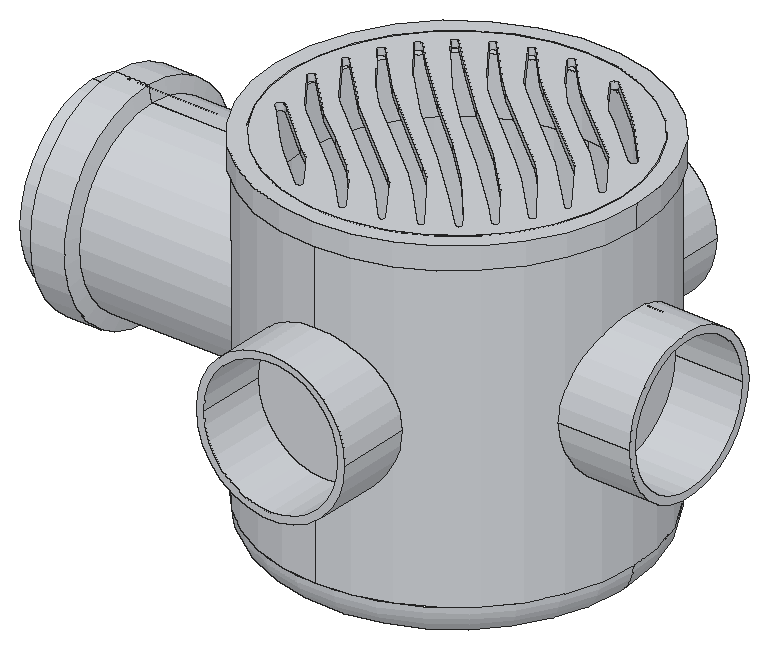
Revit family "Caixa Sifonada Montada_100x100x50 Completa - Caixas e Ralos - Esgoto - MEP - Tigre", category Plumbing Fixtures, host Face, Revit 2012
Parameters (values of type "Porta-grelha prata e grelha alumínio redondos - DN 100 x 100 x 50")
  URL = "http://www.tigre.com.br"
  UHC [instance] = 2
  Tigre: Sistema = "Esgoto"  # constant formula
  Tigre: Norma = ""
  Tigre: Material = "Prata/Aluminio"
  Tigre: Marcador [instance] = "00"
  Tigre: Link do Produto = "http://www.tigre.com.br/pt/produtos_unico.php?rcr_id=4&cpr_id=10&cpr_id_pai=4&lnh_id=11&prd_id=124"
  Tigre: Linha = "Caixas e Ralos"  # constant formula
  Tigre: Fabricante = "© Tigre S/A"  # constant formula
  Tigre: Descrição = "Caixa Sifonada Montada c/ Grelha e Porta Grelha, alumínio redondos 100 x 100 x 50mm, Esgoto - TIGRE"
  Tigre: Código com Separador [instance] = "27.01.999.4"
  Tigre: Código = 27019994
  Tigre: Comentários [instance] = ""
  Raio do Corpo = 52.50 mm
  Raio Interno Porta Grelha = 48.70 mm
  Raio Externo Porta Grelha = 53.50 mm
  Raio do Anel = 31.40 mm
  Raio Nominal 2 = Diâmetro Nominal 2 / 2  # 20.00 mm
  Raio Nominal 1 = Diâmetro Nominal 1 / 2  # 25.00 mm
  Raio Externo 2 = Raio Nominal 2 + 2.00 mm  # 22.00 mm
  Raio Externo 1 = Raio Nominal 1 + 2.00 mm  # 27.00 mm
  Prolongador. [instance] = none
  Prolongador [instance] = Distância do Prolongador > 0.00 mm  # no
  Porta Grelha Redonda = yes
  Porta Grelha Quadrada = no
  Porta Grelha [instance] = none
  Model = ""
  Manufacturer = Tigre: Fabricante  # "© Tigre S/A"
  Grelha Redonda = yes
  Grelha Quadrada = no
  Grelha [instance] = none
  Diâmetro Nominal 2 = 40.00 mm
  Diâmetro Nominal 1 = 50.00 mm
  Description = Tigre: Descrição  # "Caixa Sifonada Montada c/ Grelha e Porta Grelha, alumínio redondos 100 x 100 x 50mm, Esgoto - TIGRE"
  Default Elevation = 0.00 mm
  Cota L1 = 107.80 mm
  Distância do Prolongador [instance] = 0.00 mm
  Cota B = 56.00 mm
  Cota A = 100.00 mm
  Comprimento do Tubo [instance] = if(Distância do Prolongador > 0.00 mm, Distância do Prolongador + 15.00 mm, Distância do Prolongador + 1.00 mm)  # 1.00 mm
  Caixas e Ralos [instance] = none
  Anel = 10.00 mm
Reference planes
  plane 1 "Center (Front/Back)": y = 0
  plane 2: z = 0
  plane 3 "Center (Left/Right)": x = 0
  plane 4: z = -106.5
  plane 5: z = -6.5
  plane 6: z = -50.5
  plane 7: z = -6.5
  plane 8: z = -2
Forms (mm)
  Sweep 1, solid, material <- "Caixas e Ralos", detail levels fine
    path origin (0, 0, 0) x (1, 0, 0) y (0, 0, 1)
      loop
        line (0, -6.5) -> (0, -96.5)
    profile origin (0, 0, -51.5) x (0, -1, 0) y (1, 0, 0)
      loop
        circle (0, 0) r 52.5
  Revolve 2, solid, material <- "Caixas e Ralos", detail levels fine
    sketch origin (0, 0, 0) x (1, 0, 0) y (0, 0, 1)
      loop
        line (0, -96.5) -> (-52.5, -96.5)
        arc (-52.5, -96.5) -> (-49.571, -103.571) -> (-42.5, -106.5) r 10
        line (-42.5, -106.5) -> (0, -106.5) -> (0, -96.5)
      axis (0, -96.5) -> (0, -106.5)
    angle from 0 to 360
  Sweep 3, solid, material <- "Caixas e Ralos", detail levels fine
    path origin (0, 0, 0) x (1, 0, 0) y (0, 0, 1)
      loop
        line (0, -50.5) -> (-107.8, -50.5)
    profile origin (-53.9, 0, -50.5) x (0, 0, -1) y (0, -1, 0)
      loop
        circle (0, 0) r 27
  Sweep 4, solid, material <- "Caixas e Ralos", detail levels fine
    path origin (-107.8, -4572, -50.5) x (0, -1, 0) y (1, 0, 0)
      loop
        line (-4640.9, 107.8) -> (-4503.1, 107.8)
    profile origin (0, 0, -50.5) x (1, 0, 0) y (0, 0, 1)
      loop
        circle (0, 0) r 22
  Sweep 5, solid, material <- "Caixas e Ralos", detail levels fine
    path origin (-107.8, -4572, -50.5) x (0, -1, 0) y (1, 0, 0)
      loop
        line (-4572, 107.8) -> (-4572, 176.7)
    profile origin (34.45, 0, -50.5) x (0, 1, 0) y (0, 0, 1)
      loop
        circle (0, 0) r 22
  SweptBlend 6, solid, material <- "Caixas e Ralos", detail levels fine
    path origin (0, 0, 0) x (1, 0, 0) y (0, 0, 1)
      loop
        line (-102.561, -50.5) -> (-101.221, -50.5)
    profile origin (-102.561, 0, -50.5) x (0, 0, 1) y (0, -1, 0)
      loop
        circle (0, 0) r 27
    end profile origin (-101.221, 0, -50.5) x (0, 0, 1) y (0, -1, 0)
      loop
        circle (0, 0) r 31.4
  Sweep 7, solid, material <- "Caixas e Ralos", detail levels fine
    path origin (0, 0, 0) x (1, 0, 0) y (0, 0, 1)
      loop
        line (-101.221, -50.5) -> (-91.221, -50.5)
    profile origin (-96.221, 0, -50.5) x (0, 0, 1) y (0, -1, 0)
      loop
        circle (0, 0) r 31.4
  SweptBlend 8, solid, material <- "Caixas e Ralos", detail levels fine
    path origin (0, 0, 0) x (1, 0, 0) y (0, 0, 1)
      loop
        line (-91.221, -50.5) -> (-90.287, -50.5)
    profile origin (-91.221, 0, -50.5) x (0, 0, 1) y (0, -1, 0)
      loop
        circle (0, 0) r 31.4
    end profile origin (-90.287, 0, -50.5) x (0, 0, 1) y (0, -1, 0)
      loop
        circle (0, 0) r 27
  Sweep 9, void
    path origin (0, 0, 0) x (1, 0, 0) y (0, 0, 1)
      loop
        line (0, -6.5) -> (0, -96.5)
    profile origin (0, 0, -51.5) x (0, -1, 0) y (1, 0, 0)
      loop
        circle (0, 0) r 48.75
  Extrusion 10, solid, material <- "Grelha", visible <- "Grelha Quadrada", detail levels fine
    sketch origin (-107.8, -4572, -50.5) x (0, -1, 0) y (-1, 0, 0)
      loop
        line (-4613.966, -122.238) -> (-4603.883, -133.838)
        arc (-4603.883, -133.838) -> (-4602.173, -135.704) -> (-4600.368, -137.477) r 48.331
        line (-4600.368, -137.477) -> (-4588.063, -148.953)
        arc (-4588.063, -148.953) -> (-4586.309, -148.892) -> (-4586.368, -147.138) r 1.241
        arc (-4586.368, -147.138) -> (-4593.344, -139.894) -> (-4599.533, -131.966) r 96.922
        arc (-4599.533, -131.966) -> (-4602.759, -128.121) -> (-4606.604, -124.895) r 28.794
        line (-4606.604, -124.895) -> (-4612.586, -120.706)
        arc (-4612.586, -120.706) -> (-4613.954, -120.862) -> (-4613.966, -122.238) r 1.039
      loop
        line (-4616.041, -107.788) -> (-4609.048, -114.309)
        arc (-4609.048, -114.309) -> (-4607.048, -116.292) -> (-4605.173, -118.393) r 46.107
        line (-4605.173, -118.393) -> (-4585.911, -141.348)
        arc (-4585.911, -141.348) -> (-4584.722, -142.609) -> (-4583.396, -143.724) r 15
        line (-4583.396, -143.724) -> (-4572.375, -151.955)
        arc (-4572.375, -151.955) -> (-4570.978, -151.798) -> (-4571.047, -150.394) r 1.027
        line (-4571.047, -150.394) -> (-4581.135, -140.652)
        arc (-4581.135, -140.652) -> (-4582.457, -139.283) -> (-4583.68, -137.826) r 27.259
        line (-4583.68, -137.826) -> (-4591.136, -128.283)
        arc (-4591.136, -128.283) -> (-4595.325, -123.185) -> (-4599.759, -118.299) r 134.146
        arc (-4599.759, -118.299) -> (-4602.988, -115.191) -> (-4606.47, -112.372) r 52.299
        arc (-4606.47, -112.372) -> (-4610.634, -109.316) -> (-4614.827, -106.301) r 542.781
        arc (-4614.827, -106.301) -> (-4616.13, -106.476) -> (-4616.041, -107.788) r 0.962
      loop
        line (-4614.454, -97.147) -> (-4604.477, -106.45)
        arc (-4604.477, -106.45) -> (-4602.298, -108.611) -> (-4600.254, -110.901) r 50.253
        line (-4600.254, -110.901) -> (-4577.494, -138.025)
        arc (-4577.494, -138.025) -> (-4576.599, -138.974) -> (-4575.601, -139.814) r 11.29
        line (-4575.601, -139.814) -> (-4561.45, -150.382)
        arc (-4561.45, -150.382) -> (-4560.166, -150.237) -> (-4560.229, -148.947) r 0.944
        line (-4560.229, -148.947) -> (-4573.745, -135.895)
        arc (-4573.745, -135.895) -> (-4574.631, -134.993) -> (-4575.468, -134.047) r 24.143
        line (-4575.468, -134.047) -> (-4597.498, -107.793)
        arc (-4597.498, -107.793) -> (-4598.86, -106.358) -> (-4600.387, -105.099) r 16.207
        line (-4600.387, -105.099) -> (-4613.284, -95.728)
        arc (-4613.284, -95.728) -> (-4614.536, -95.888) -> (-4614.454, -97.147) r 0.921
      loop
        line (-4610.964, -88.395) -> (-4599.287, -99.284)
        arc (-4599.287, -99.284) -> (-4596.598, -101.95) -> (-4594.076, -104.775) r 61.998
        line (-4594.076, -104.775) -> (-4572.562, -130.415)
        arc (-4572.562, -130.415) -> (-4569.646, -133.542) -> (-4566.419, -136.347) r 40.846
        line (-4566.419, -136.347) -> (-4552.731, -147.041)
        arc (-4552.731, -147.041) -> (-4551.265, -146.9) -> (-4551.329, -145.428) r 1.07
        line (-4551.329, -145.428) -> (-4564.485, -132.723)
        arc (-4564.485, -132.723) -> (-4567.45, -129.706) -> (-4570.253, -126.538) r 80.789
        line (-4570.253, -126.538) -> (-4588.926, -104.284)
        arc (-4588.926, -104.284) -> (-4592.794, -100.181) -> (-4597.109, -96.552) r 48.8
        line (-4597.109, -96.552) -> (-4609.838, -87.046)
        arc (-4609.838, -87.046) -> (-4611.04, -87.187) -> (-4610.964, -88.395) r 0.88
      loop
        line (-4606.276, -80.932) -> (-4597.597, -89.611)
        arc (-4597.597, -89.611) -> (-4590.598, -96.859) -> (-4583.856, -104.347) r 288.662
        line (-4583.856, -104.347) -> (-4569.556, -120.797)
        arc (-4569.556, -120.797) -> (-4563.496, -127.127) -> (-4556.857, -132.847) r 91.322
        line (-4556.857, -132.847) -> (-4545.245, -141.92)
        arc (-4545.245, -141.92) -> (-4543.884, -141.788) -> (-4543.943, -140.422) r 0.994
        line (-4543.943, -140.422) -> (-4549.666, -134.895)
        arc (-4549.666, -134.895) -> (-4556.696, -127.804) -> (-4563.41, -120.413) r 228.86
        line (-4563.41, -120.413) -> (-4576.455, -105.406)
        arc (-4576.455, -105.406) -> (-4588.427, -93.036) -> (-4601.65, -82.012) r 161.164
        line (-4601.65, -82.012) -> (-4605.028, -79.489)
        arc (-4605.028, -79.489) -> (-4606.323, -79.63) -> (-4606.276, -80.932) r 0.956
      loop
        line (-4530.034, -93.362) -> (-4540.117, -81.762)
        arc (-4540.117, -81.762) -> (-4541.827, -79.896) -> (-4543.632, -78.123) r 48.331
        line (-4543.632, -78.123) -> (-4555.937, -66.647)
        arc (-4555.937, -66.647) -> (-4557.691, -66.708) -> (-4557.632, -68.462) r 1.241
        arc (-4557.632, -68.462) -> (-4550.656, -75.706) -> (-4544.467, -83.634) r 96.922
        arc (-4544.467, -83.634) -> (-4541.241, -87.479) -> (-4537.396, -90.705) r 28.794
        line (-4537.396, -90.705) -> (-4531.414, -94.894)
        arc (-4531.414, -94.894) -> (-4530.046, -94.738) -> (-4530.034, -93.362) r 1.039
      loop
        line (-4527.959, -107.812) -> (-4534.952, -101.291)
        arc (-4534.952, -101.291) -> (-4536.952, -99.308) -> (-4538.827, -97.207) r 46.107
        line (-4538.827, -97.207) -> (-4558.089, -74.252)
        arc (-4558.089, -74.252) -> (-4559.278, -72.991) -> (-4560.604, -71.876) r 15
        line (-4560.604, -71.876) -> (-4571.625, -63.645)
        arc (-4571.625, -63.645) -> (-4573.022, -63.802) -> (-4572.953, -65.206) r 1.027
        line (-4572.953, -65.206) -> (-4562.865, -74.948)
        arc (-4562.865, -74.948) -> (-4561.543, -76.317) -> (-4560.32, -77.774) r 27.259
        line (-4560.32, -77.774) -> (-4552.864, -87.317)
        arc (-4552.864, -87.317) -> (-4548.675, -92.415) -> (-4544.241, -97.301) r 134.146
        arc (-4544.241, -97.301) -> (-4541.012, -100.409) -> (-4537.53, -103.228) r 52.299
        arc (-4537.53, -103.228) -> (-4533.366, -106.284) -> (-4529.173, -109.299) r 542.781
        arc (-4529.173, -109.299) -> (-4527.87, -109.124) -> (-4527.959, -107.812) r 0.962
      loop
        line (-4529.546, -118.453) -> (-4539.523, -109.15)
        arc (-4539.523, -109.15) -> (-4541.702, -106.989) -> (-4543.746, -104.699) r 50.253
        line (-4543.746, -104.699) -> (-4566.506, -77.575)
        arc (-4566.506, -77.575) -> (-4567.401, -76.626) -> (-4568.399, -75.786) r 11.29
        line (-4568.399, -75.786) -> (-4582.55, -65.218)
        arc (-4582.55, -65.218) -> (-4583.834, -65.363) -> (-4583.771, -66.653) r 0.944
        line (-4583.771, -66.653) -> (-4570.255, -79.705)
        arc (-4570.255, -79.705) -> (-4569.369, -80.607) -> (-4568.532, -81.553) r 24.143
        line (-4568.532, -81.553) -> (-4546.502, -107.807)
        arc (-4546.502, -107.807) -> (-4545.14, -109.242) -> (-4543.613, -110.501) r 16.207
        line (-4543.613, -110.501) -> (-4530.716, -119.872)
        arc (-4530.716, -119.872) -> (-4529.464, -119.712) -> (-4529.546, -118.453) r 0.921
      loop
        line (-4533.036, -127.205) -> (-4544.713, -116.316)
        arc (-4544.713, -116.316) -> (-4547.402, -113.65) -> (-4549.924, -110.825) r 61.998
        line (-4549.924, -110.825) -> (-4571.438, -85.185)
        arc (-4571.438, -85.185) -> (-4574.354, -82.058) -> (-4577.581, -79.253) r 40.846
        line (-4577.581, -79.253) -> (-4591.269, -68.559)
        arc (-4591.269, -68.559) -> (-4592.735, -68.7) -> (-4592.671, -70.172) r 1.07
        line (-4592.671, -70.172) -> (-4579.515, -82.877)
        arc (-4579.515, -82.877) -> (-4576.55, -85.894) -> (-4573.747, -89.062) r 80.789
        line (-4573.747, -89.062) -> (-4555.074, -111.316)
        arc (-4555.074, -111.316) -> (-4551.206, -115.419) -> (-4546.891, -119.048) r 48.8
        line (-4546.891, -119.048) -> (-4534.162, -128.554)
        arc (-4534.162, -128.554) -> (-4532.96, -128.413) -> (-4533.036, -127.205) r 0.88
      loop
        line (-4537.724, -134.668) -> (-4546.403, -125.989)
        arc (-4546.403, -125.989) -> (-4553.402, -118.741) -> (-4560.144, -111.253) r 288.662
        line (-4560.144, -111.253) -> (-4574.444, -94.803)
        arc (-4574.444, -94.803) -> (-4580.504, -88.473) -> (-4587.143, -82.753) r 91.322
        line (-4587.143, -82.753) -> (-4598.755, -73.68)
        arc (-4598.755, -73.68) -> (-4600.116, -73.812) -> (-4600.057, -75.178) r 0.994
        line (-4600.057, -75.178) -> (-4594.334, -80.705)
        arc (-4594.334, -80.705) -> (-4587.304, -87.796) -> (-4580.59, -95.187) r 228.86
        line (-4580.59, -95.187) -> (-4567.545, -110.194)
        arc (-4567.545, -110.194) -> (-4555.573, -122.564) -> (-4542.35, -133.588) r 161.164
        line (-4542.35, -133.588) -> (-4538.972, -136.111)
        arc (-4538.972, -136.111) -> (-4537.677, -135.97) -> (-4537.724, -134.668) r 0.956
      loop
        line (-4619.25, -60.55) -> (-4619.25, -155.05) -> (-4524.75, -155.05) -> (-4524.75, -60.55) -> (-4619.25, -60.55)
    from -48.5 to -50.5
  Extrusion 11, solid, material <- "Grelha", visible <- "Grelha Redonda", detail levels fine
    sketch origin (-107.8, -4572, -50.5) x (0, -1, 0) y (-1, 0, 0)
      loop
        line (-4613.968, -122.288) -> (-4603.885, -133.888)
        arc (-4603.885, -133.888) -> (-4602.175, -135.753) -> (-4600.37, -137.527) r 48.331
        line (-4600.37, -137.527) -> (-4588.064, -149.002)
        arc (-4588.064, -149.002) -> (-4586.311, -148.942) -> (-4586.37, -147.188) r 1.241
        arc (-4586.37, -147.188) -> (-4593.346, -139.944) -> (-4599.535, -132.015) r 96.922
        arc (-4599.535, -132.015) -> (-4602.761, -128.171) -> (-4606.606, -124.944) r 28.794
        line (-4606.606, -124.944) -> (-4612.588, -120.756)
        arc (-4612.588, -120.756) -> (-4613.956, -120.911) -> (-4613.968, -122.288) r 1.039
      loop
        line (-4616.043, -107.837) -> (-4609.05, -114.359)
        arc (-4609.05, -114.359) -> (-4607.05, -116.341) -> (-4605.174, -118.442) r 46.107
        line (-4605.174, -118.442) -> (-4585.913, -141.397)
        arc (-4585.913, -141.397) -> (-4584.724, -142.658) -> (-4583.398, -143.774) r 15
        line (-4583.398, -143.774) -> (-4572.377, -152.005)
        arc (-4572.377, -152.005) -> (-4570.98, -151.847) -> (-4571.049, -150.444) r 1.027
        line (-4571.049, -150.444) -> (-4581.137, -140.701)
        arc (-4581.137, -140.701) -> (-4582.459, -139.333) -> (-4583.682, -137.875) r 27.259
        line (-4583.682, -137.875) -> (-4591.138, -128.332)
        arc (-4591.138, -128.332) -> (-4595.327, -123.234) -> (-4599.761, -118.349) r 134.146
        arc (-4599.761, -118.349) -> (-4602.989, -115.241) -> (-4606.472, -112.421) r 52.299
        arc (-4606.472, -112.421) -> (-4610.636, -109.366) -> (-4614.829, -106.35) r 542.781
        arc (-4614.829, -106.35) -> (-4616.132, -106.525) -> (-4616.043, -107.837) r 0.962
      loop
        line (-4614.456, -97.197) -> (-4604.479, -106.5)
        arc (-4604.479, -106.5) -> (-4602.3, -108.661) -> (-4600.256, -110.951) r 50.253
        line (-4600.256, -110.951) -> (-4577.496, -138.075)
        arc (-4577.496, -138.075) -> (-4576.601, -139.024) -> (-4575.603, -139.863) r 11.29
        line (-4575.603, -139.863) -> (-4561.452, -150.432)
        arc (-4561.452, -150.432) -> (-4560.168, -150.287) -> (-4560.231, -148.996) r 0.944
        line (-4560.231, -148.996) -> (-4573.747, -135.944)
        arc (-4573.747, -135.944) -> (-4574.633, -135.043) -> (-4575.47, -134.096) r 24.143
        line (-4575.47, -134.096) -> (-4597.499, -107.843)
        arc (-4597.499, -107.843) -> (-4598.862, -106.407) -> (-4600.389, -105.148) r 16.207
        line (-4600.389, -105.148) -> (-4613.286, -95.778)
        arc (-4613.286, -95.778) -> (-4614.538, -95.937) -> (-4614.456, -97.197) r 0.921
      loop
        line (-4610.966, -88.444) -> (-4599.289, -99.334)
        arc (-4599.289, -99.334) -> (-4596.6, -102) -> (-4594.078, -104.825) r 61.998
        line (-4594.078, -104.825) -> (-4572.563, -130.465)
        arc (-4572.563, -130.465) -> (-4569.648, -133.592) -> (-4566.421, -136.397) r 40.846
        line (-4566.421, -136.397) -> (-4552.733, -147.091)
        arc (-4552.733, -147.091) -> (-4551.266, -146.95) -> (-4551.331, -145.478) r 1.07
        line (-4551.331, -145.478) -> (-4564.487, -132.773)
        arc (-4564.487, -132.773) -> (-4567.452, -129.756) -> (-4570.254, -126.588) r 80.789
        line (-4570.254, -126.588) -> (-4588.928, -104.333)
        arc (-4588.928, -104.333) -> (-4592.796, -100.231) -> (-4597.111, -96.602) r 48.8
        line (-4597.111, -96.602) -> (-4609.839, -87.096)
        arc (-4609.839, -87.096) -> (-4611.041, -87.237) -> (-4610.966, -88.444) r 0.88
      loop
        line (-4606.278, -80.981) -> (-4597.599, -89.661)
        arc (-4597.599, -89.661) -> (-4590.6, -96.908) -> (-4583.858, -104.396) r 288.662
        line (-4583.858, -104.396) -> (-4569.557, -120.847)
        arc (-4569.557, -120.847) -> (-4563.498, -127.177) -> (-4556.859, -132.897) r 91.322
        line (-4556.859, -132.897) -> (-4545.247, -141.969)
        arc (-4545.247, -141.969) -> (-4543.886, -141.838) -> (-4543.945, -140.471) r 0.994
        line (-4543.945, -140.471) -> (-4549.668, -134.945)
        arc (-4549.668, -134.945) -> (-4556.698, -127.854) -> (-4563.411, -120.463) r 228.86
        line (-4563.411, -120.463) -> (-4576.456, -105.456)
        arc (-4576.456, -105.456) -> (-4588.428, -93.085) -> (-4601.652, -82.062) r 161.164
        line (-4601.652, -82.062) -> (-4605.03, -79.539)
        arc (-4605.03, -79.539) -> (-4606.325, -79.679) -> (-4606.278, -80.981) r 0.956
      loop
        line (-4530.036, -93.411) -> (-4540.119, -81.812)
        arc (-4540.119, -81.812) -> (-4541.829, -79.946) -> (-4543.633, -78.172) r 48.331
        line (-4543.633, -78.172) -> (-4555.939, -66.697)
        arc (-4555.939, -66.697) -> (-4557.693, -66.757) -> (-4557.634, -68.511) r 1.241
        arc (-4557.634, -68.511) -> (-4550.657, -75.755) -> (-4544.469, -83.684) r 96.922
        arc (-4544.469, -83.684) -> (-4541.243, -87.529) -> (-4537.398, -90.755) r 28.794
        line (-4537.398, -90.755) -> (-4531.416, -94.944)
        arc (-4531.416, -94.944) -> (-4530.048, -94.788) -> (-4530.036, -93.411) r 1.039
      loop
        line (-4527.961, -107.862) -> (-4534.954, -101.34)
        arc (-4534.954, -101.34) -> (-4536.954, -99.358) -> (-4538.829, -97.257) r 46.107
        line (-4538.829, -97.257) -> (-4558.091, -74.302)
        arc (-4558.091, -74.302) -> (-4559.279, -73.041) -> (-4560.606, -71.926) r 15
        line (-4560.606, -71.926) -> (-4571.627, -63.694)
        arc (-4571.627, -63.694) -> (-4573.024, -63.852) -> (-4572.955, -65.256) r 1.027
        line (-4572.955, -65.256) -> (-4562.866, -74.998)
        arc (-4562.866, -74.998) -> (-4561.545, -76.366) -> (-4560.322, -77.824) r 27.259
        line (-4560.322, -77.824) -> (-4552.866, -87.367)
        arc (-4552.866, -87.367) -> (-4548.677, -92.465) -> (-4544.243, -97.35) r 134.146
        arc (-4544.243, -97.35) -> (-4541.014, -100.458) -> (-4537.532, -103.278) r 52.299
        arc (-4537.532, -103.278) -> (-4533.367, -106.333) -> (-4529.174, -109.349) r 542.781
        arc (-4529.174, -109.349) -> (-4527.871, -109.174) -> (-4527.961, -107.862) r 0.962
      loop
        line (-4529.548, -118.502) -> (-4539.524, -109.199)
        arc (-4539.524, -109.199) -> (-4541.704, -107.039) -> (-4543.748, -104.749) r 50.253
        line (-4543.748, -104.749) -> (-4566.508, -77.624)
        arc (-4566.508, -77.624) -> (-4567.402, -76.675) -> (-4568.401, -75.836) r 11.29
        line (-4568.401, -75.836) -> (-4582.552, -65.267)
        arc (-4582.552, -65.267) -> (-4583.836, -65.412) -> (-4583.773, -66.703) r 0.944
        line (-4583.773, -66.703) -> (-4570.257, -79.755)
        arc (-4570.257, -79.755) -> (-4569.371, -80.656) -> (-4568.534, -81.603) r 24.143
        line (-4568.534, -81.603) -> (-4546.504, -107.857)
        arc (-4546.504, -107.857) -> (-4545.142, -109.292) -> (-4543.615, -110.551) r 16.207
        line (-4543.615, -110.551) -> (-4530.718, -119.921)
        arc (-4530.718, -119.921) -> (-4529.465, -119.762) -> (-4529.548, -118.502) r 0.921
      loop
        line (-4533.037, -127.255) -> (-4544.715, -116.365)
        arc (-4544.715, -116.365) -> (-4547.404, -113.7) -> (-4549.925, -110.875) r 61.998
        line (-4549.925, -110.875) -> (-4571.44, -85.234)
        arc (-4571.44, -85.234) -> (-4574.356, -82.107) -> (-4577.583, -79.302) r 40.846
        line (-4577.583, -79.302) -> (-4591.271, -68.608)
        arc (-4591.271, -68.608) -> (-4592.737, -68.75) -> (-4592.673, -70.221) r 1.07
        line (-4592.673, -70.221) -> (-4579.516, -82.927)
        arc (-4579.516, -82.927) -> (-4576.552, -85.943) -> (-4573.749, -89.111) r 80.789
        line (-4573.749, -89.111) -> (-4555.075, -111.366)
        arc (-4555.075, -111.366) -> (-4551.208, -115.468) -> (-4546.893, -119.097) r 48.8
        line (-4546.893, -119.097) -> (-4534.164, -128.603)
        arc (-4534.164, -128.603) -> (-4532.962, -128.463) -> (-4533.037, -127.255) r 0.88
      loop
        line (-4537.725, -134.718) -> (-4546.405, -126.039)
        arc (-4546.405, -126.039) -> (-4553.404, -118.791) -> (-4560.146, -111.303) r 288.662
        line (-4560.146, -111.303) -> (-4574.446, -94.852)
        arc (-4574.446, -94.852) -> (-4580.506, -88.522) -> (-4587.144, -82.802) r 91.322
        line (-4587.144, -82.802) -> (-4598.756, -73.73)
        arc (-4598.756, -73.73) -> (-4600.118, -73.861) -> (-4600.058, -75.228) r 0.994
        line (-4600.058, -75.228) -> (-4594.336, -80.754)
        arc (-4594.336, -80.754) -> (-4587.306, -87.845) -> (-4580.592, -95.237) r 228.86
        line (-4580.592, -95.237) -> (-4567.547, -110.243)
        arc (-4567.547, -110.243) -> (-4555.575, -122.614) -> (-4542.352, -133.637) r 161.164
        line (-4542.352, -133.637) -> (-4538.974, -136.16)
        arc (-4538.974, -136.16) -> (-4537.679, -136.02) -> (-4537.725, -134.718) r 0.956
      loop
        circle (-4572.002, -107.787) r 48.6
    from -48.5 to -50.5
  Extrusion 12, solid, material <- "Porta Grelha", visible <- "Porta Grelha Quadrada", detail levels fine
    sketch origin (-107.8, -4572, -50.5) x (0, -1, 0) y (-1, 0, 0)
      loop
        line (-4622, -57.8) -> (-4622, -157.8) -> (-4522, -157.8) -> (-4522, -57.8) -> (-4622, -57.8)
      loop
        line (-4524.5, -155.3) -> (-4524.5, -60.3) -> (-4619.5, -60.3) -> (-4619.5, -155.3) -> (-4524.5, -155.3)
    from -50.5 to -44
  Extrusion 13, solid, material <- "Porta Grelha", visible <- "Porta Grelha Quadrada", detail levels fine
    sketch origin (-107.8, -4572, -50.5) x (0, -1, 0) y (-1, 0, 0)
      loop
        line (-4619.5, -60.3) -> (-4619.5, -155.3) -> (-4524.5, -155.3) -> (-4524.5, -60.3) -> (-4619.5, -60.3)
      loop
        circle (-4572, -107.8) r 46.47
    from -46 to -44
  Sweep 14, solid, material <- "Porta Grelha", visible <- "Porta Grelha Quadrada", detail levels fine
    path origin (0, 0, 0) x (1, 0, 0) y (0, 0, 1)
      loop
        line (0, -22) -> (0, -4.5)
    profile origin (0, 0, -13.25) x (-1, 0, 0) y (0, -1, 0)
      loop
        circle (0, 0) r 48.587
      loop
        circle (0, 0) r 46.47
  Sweep 15, solid, material <- "Porta Grelha", visible <- "Porta Grelha Redonda", detail levels fine
    path origin (0, 0, 0) x (1, 0, 0) y (0, 0, 1)
      loop
        line (0, -6.5) -> (0, 0)
    profile origin (0, 0, -3.25) x (-1, 0, 0) y (0, -1, 0)
      loop
        circle (0, 0) r 53.5
      loop
        circle (0, 0) r 48.75
  Sweep 16, solid, material <- "Porta Grelha", visible <- "Porta Grelha Redonda", detail levels fine
    path origin (0, 0, 0) x (1, 0, 0) y (0, 0, 1)
      loop
        line (0, -21.5) -> (0, -4.5)
    profile origin (0, 0, -13) x (-1, 0, 0) y (0, -1, 0)
      loop
        circle (0, 0) r 46.47
      loop
        circle (0, 0) r 48.75
  Sweep 17, void
    path origin (-107.8, -4572, -50.5) x (0, -1, 0) y (1, 0, 0)
      loop
        line (-4572, 176.7) -> (-4572, 156.55)
    profile origin (58.825, 0, -50.5) x (0, -1, 0) y (0, 0, 1)
      loop
        circle (0, 0) r 20
  Sweep 18, void
    path origin (4572, -107.8, -50.5) x (1, 0, 0) y (0, 1, 0)
      loop
        line (-4572, 176.7) -> (-4572, 156.55)
    profile origin (0, 58.825, -50.5) x (1, 0, 0) y (0, 0, 1)
      loop
        circle (0, 0) r 20
  Sweep 19, void
    path origin (4572, 107.8, -50.5) x (-1, 0, 0) y (0, -1, 0)
      loop
        line (4572, 176.7) -> (4572, 156.55)
    profile origin (0, -58.825, -50.5) x (-1, 0, 0) y (0, 0, 1)
      loop
        circle (0, 0) r 20
  Sweep 20, void
    path origin (-107.8, -4572, -50.5) x (0, -1, 0) y (1, 0, 0)
      loop
        line (-4572, 0) -> (-4572, 43.011)
    profile origin (-86.294, 0, -50.5) x (0, 1, 0) y (0, 0, 1)
      loop
        circle (0, 0) r 25
Cuts and joins
  Sweep 9, Sweep 17, Sweep 18, Sweep 19, Sweep 20 cuts Sweep 1
  Sweep 9, Sweep 17, Sweep 18, Sweep 19, Sweep 20 cuts Revolve 2
  Sweep 9, Sweep 17, Sweep 18, Sweep 19, Sweep 20 cuts Sweep 3
  Sweep 9, Sweep 17, Sweep 18, Sweep 19, Sweep 20 cuts Sweep 4
  Sweep 9, Sweep 17, Sweep 18, Sweep 19, Sweep 20 cuts Sweep 5
  Sweep 9, Sweep 17, Sweep 18, Sweep 19, Sweep 20 cuts SweptBlend 6
  Sweep 9, Sweep 17, Sweep 18, Sweep 19, Sweep 20 cuts Sweep 7
  Sweep 9, Sweep 17, Sweep 18, Sweep 19, Sweep 20 cuts SweptBlend 8
  joined: Sweep 1, Revolve 2, Sweep 3, Sweep 4, Sweep 5, SweptBlend 6, Sweep 7, SweptBlend 8
  joined: Extrusion 12, Extrusion 13, Sweep 14
  joined: Sweep 15, Sweep 16
Lines and regions (mm)
  model lines, detail levels coarse+medium
    curve 1: line (-64.789, 0, -50.5) -> (-40, 0, -50.5)
    curve 2: line (0, 48.75, -50.5) -> (0, 40, -50.5)
    curve 3: line (-22, 48.75, -50.5) -> (22, 48.75, -50.5)
    curve 4: line (48.75, 22, -50.5) -> (48.75, -22, -50.5)
    curve 5: line (-22, -48.75, -50.5) -> (22, -48.75, -50.5)
    curve 6: line (-64.789, 22, -50.5) -> (-64.789, -22, -50.5)
    curve 7: circle (0, 0, -50.5) r 40 normal (0, 0, -1)
    curve 8: line (40, 0, -50.5) -> (48.75, 0, -50.5)
    curve 9: line (0, -48.75, -50.5) -> (0, -40, -50.5)
Dimensions and locks
  "Cota A": plane 5 to plane 4
  "Cota B": plane 6 to plane 4
  Sweep 1 to plane 4 = 10.00 mm
  "Cota L1": plane 3 "Center (Left/Right)" to Sweep 3 sketch curve
  plane 3 "Center (Left/Right)" to Sweep 5 sketch curve = 68.90 mm
  locked: cut or joined group of Sweep 1, Revolve 2, Sweep 3, Sweep 4, Sweep 5, SweptBlend 6, Sweep 7, SweptBlend 8, Sweep 9, Sweep 17, Sweep 18, Sweep 19, Sweep 20 to SweptBlend 6 sketch curve at 5.239
  locked: SweptBlend 6 sketch curve to SweptBlend 6 sketch curve at 1.34
  "Anel": Sweep 7 sketch curve to Sweep 7 sketch curve
  locked: SweptBlend 8 sketch curve to SweptBlend 8 sketch curve at 0.934
  Sweep 9 sketch curve to plane 4 = 10.00 mm
  locked: level to plane 7 at 6.5
  "Distância do Prolongador": plane 7 to plane 5
  locked: plane 7 to Sweep 14 sketch curve at 15.5
  locked: level to Sweep 14 sketch curve at 4.5
  Sweep 16 sketch curve to plane 7 to Sweep 16 sketch curve = 2.00 mm locked, 15.00 mm locked
  "Raio do Corpo": radius of Sweep 1 sketch curve
  "Raio Externo 2": radius of Sweep 4 sketch curve
  "Raio Externo 2": radius of Sweep 5 sketch curve
  "Raio Externo 1": radius of Sweep 3 sketch curve
  "Raio do Anel": radius of SweptBlend 6 sketch curve
  "Raio Externo 1": radius of SweptBlend 8 sketch curve
  "Raio Nominal 2": radius of Sweep 17 sketch curve
  "Raio Nominal 2": radius of Sweep 18 sketch curve
  "Raio Nominal 2": radius of Sweep 19 sketch curve
  "Raio Nominal 1": radius of Sweep 20 sketch curve
  aligned and locked: plane 2 to host face
  aligned and locked: level to host face
  aligned and locked: plane 5 to Sweep 1 sketch curve
  aligned and locked: Sweep 1 sketch curve to plane 3 "Center (Left/Right)"
  aligned and locked: Revolve 2 sketch curve to plane 3 "Center (Left/Right)"  (x2)
  aligned and locked: plane 4 to Revolve 2 sketch curve
  aligned and locked: Revolve 2 sketch curve to plane 4
  aligned and locked: Sweep 4 sketch curve to plane 3 "Center (Left/Right)"
  aligned and locked: plane 1 "Center (Front/Back)" to Sweep 5 sketch curve
  aligned and locked: plane 3 "Center (Left/Right)" to Sweep 5 sketch curve
  aligned and locked: SweptBlend 6 sketch curve to Sweep 3  (x2)
  aligned and locked: Sweep 3 sketch curve to plane 6
  aligned and locked: plane 6 to SweptBlend 6 sketch curve
  aligned and locked: cut or joined group of Sweep 1, Revolve 2, Sweep 3, Sweep 4, Sweep 5, SweptBlend 6, Sweep 7, SweptBlend 8, Sweep 9, Sweep 17, Sweep 18, Sweep 19, Sweep 20 to Sweep 7 sketch curve
  aligned and locked: Sweep 7 sketch curve to cut or joined group of Sweep 1, Revolve 2, Sweep 3, Sweep 4, Sweep 5, SweptBlend 6, Sweep 7, SweptBlend 8, Sweep 9, Sweep 17, Sweep 18, Sweep 19, Sweep 20  (x2)
  aligned and locked: Sweep 7 to SweptBlend 8 sketch curve
  aligned and locked: SweptBlend 8 sketch curve to Sweep 7  (x2)
  aligned and locked: plane 5 to Sweep 9 sketch curve
  aligned and locked: level to Extrusion 10
  aligned and locked: plane 8 to Extrusion 10
  aligned and locked: level to Extrusion 11
  aligned and locked: plane 8 to Extrusion 11
  aligned and locked: plane 7 to Extrusion 13
  aligned and locked: level to Extrusion 12
  aligned and locked: plane 7 to Extrusion 12
  aligned and locked: plane 3 "Center (Left/Right)" to Sweep 14 sketch curve
  aligned and locked: level to Sweep 15 sketch curve
  aligned and locked: plane 7 to Sweep 15 sketch curve
  aligned and locked: cut or joined group of Sweep 15, Sweep 16 to Extrusion 13
  aligned and locked: plane 7 to nested 1
  aligned and locked: curve 4 to cut or joined group of Sweep 1, Revolve 2, Sweep 3, Sweep 4, Sweep 5, SweptBlend 6, Sweep 7, SweptBlend 8, Sweep 9, Sweep 17, Sweep 18, Sweep 19, Sweep 20
  aligned and locked: curve 3 to cut or joined group of Sweep 1, Revolve 2, Sweep 3, Sweep 4, Sweep 5, SweptBlend 6, Sweep 7, SweptBlend 8, Sweep 9, Sweep 17, Sweep 18, Sweep 19, Sweep 20
  aligned and locked: curve 5 to cut or joined group of Sweep 1, Revolve 2, Sweep 3, Sweep 4, Sweep 5, SweptBlend 6, Sweep 7, SweptBlend 8, Sweep 9, Sweep 17, Sweep 18, Sweep 19, Sweep 20
  aligned and locked: curve 6 to cut or joined group of Sweep 1, Revolve 2, Sweep 3, Sweep 4, Sweep 5, SweptBlend 6, Sweep 7, SweptBlend 8, Sweep 9, Sweep 17, Sweep 18, Sweep 19, Sweep 20
Automatic sketch dimensions
  host sketch curve to host sketch curve = 215.893 mm
  host sketch curve to host sketch curve = 203.078 mm
  plane 4 to Sweep 1 sketch curve = 10.00 mm
  plane 1 "Center (Front/Back)" to Sweep 1 sketch curve = 0.00 mm
  Sweep 1 sketch curve to profile plane = 0.00 mm
  Revolve 2 sketch curve to plane 4 = 0.00 mm
  plane 4 to Revolve 2 sketch curve = 10.00 mm
  Revolve 2 sketch curve to plane 3 "Center (Left/Right)" = 42.50 mm
  Revolve 2 sketch curve to Revolve 2 sketch curve = 7.21 mm
  Sweep 3 sketch curve to plane 3 "Center (Left/Right)" = 0.00 mm
  Sweep 3 sketch curve to plane 1 "Center (Front/Back)" = 0.00 mm
  Sweep 3 sketch curve to profile plane = 0.00 mm
  Sweep 4 sketch curve to plane 1 "Center (Front/Back)" = 68.90 mm
  plane 1 "Center (Front/Back)" to Sweep 4 sketch curve = 68.90 mm
  Sweep 4 sketch curve to plane 6 = 0.00 mm
  profile plane to Sweep 4 sketch curve = 0.00 mm
  plane 6 to Sweep 5 sketch curve = 0.00 mm
  Sweep 5 sketch curve to profile plane = 0.00 mm
  SweptBlend 6 sketch curve to plane 1 "Center (Front/Back)" = 0.00 mm
  profile plane to SweptBlend 6 sketch curve = 0.00 mm
  Sweep 7 sketch curve to plane 6 = 0.00 mm
  SweptBlend 8 sketch curve to plane 6 = 0.00 mm
  SweptBlend 8 sketch curve to plane 1 "Center (Front/Back)" = 0.00 mm
  profile plane to SweptBlend 8 sketch curve = 0.00 mm
  Sweep 9 sketch curve to plane 3 "Center (Left/Right)" = 0.00 mm
  Sweep 9 sketch curve to Sweep 9 sketch curve = 0.00 mm  (x2)
  Sweep 9 sketch curve to profile plane = 0.00 mm
  plane 1 "Center (Front/Back)" to Sweep 9 sketch curve = 0.00 mm
  Sweep 9 sketch curve to plane 1 "Center (Front/Back)" = 48.75 mm
  curve 2 to plane 3 "Center (Left/Right)" = 0.00 mm
  plane 1 "Center (Front/Back)" to curve 8 = 0.00 mm
  plane 1 "Center (Front/Back)" to curve 7 = 0.00 mm
  plane 1 "Center (Front/Back)" to curve 1 = 0.00 mm
  curve 9 to plane 3 "Center (Left/Right)" = 0.00 mm
  curve 7 to plane 3 "Center (Left/Right)" = 0.00 mm
  curve 4 to plane 1 "Center (Front/Back)" = 22.00 mm
  curve 6 to plane 1 "Center (Front/Back)" = 22.00 mm
  curve 8 to curve 4 = 22.00 mm
  curve 1 to curve 6 = 22.00 mm
  curve 9 to curve 9 = 8.75 mm
  curve 3 to plane 3 "Center (Left/Right)" = 22.00 mm
  curve 5 to plane 3 "Center (Left/Right)" = 22.00 mm
  curve 2 to curve 3 = 22.00 mm
  curve 9 to curve 5 = 22.00 mm
  Extrusion 10 sketch curve to plane 1 "Center (Front/Back)" = 357.646 mm
  Extrusion 10 sketch curve to plane 1 "Center (Front/Back)" = 229.712 mm
  Extrusion 10 sketch curve to Extrusion 10 sketch curve = 48.399 mm  (x2)
  Extrusion 10 sketch curve to Extrusion 10 sketch curve = 55.227 mm  (x2)
  Extrusion 10 sketch curve to Extrusion 10 sketch curve = 1.242 mm  (x2)
  Extrusion 10 sketch curve to plane 1 "Center (Front/Back)" = 71.366 mm
  Extrusion 10 sketch curve to Extrusion 10 sketch curve = 1.797 mm
  Extrusion 10 sketch curve to Extrusion 10 sketch curve = 1.077 mm
  Extrusion 10 sketch curve to Extrusion 10 sketch curve = 2.819 mm  (x2)
  Extrusion 10 sketch curve to Extrusion 10 sketch curve = 5.756 mm  (x2)
  Extrusion 10 sketch curve to Extrusion 10 sketch curve = 3.114 mm  (x2)
  Extrusion 10 sketch curve to Extrusion 10 sketch curve = 9.326 mm  (x2)
  Extrusion 10 sketch curve to Extrusion 10 sketch curve = 2.448 mm  (x2)
  Extrusion 10 sketch curve to Extrusion 10 sketch curve = 0.742 mm  (x2)
  Extrusion 10 sketch curve to Extrusion 10 sketch curve = 3.869 mm  (x2)
  Extrusion 10 sketch curve to plane 3 "Center (Left/Right)" = 0.012 mm
  Extrusion 10 sketch curve to Extrusion 10 sketch curve = 10.268 mm
  Extrusion 10 sketch curve to Extrusion 10 sketch curve = 0.656 mm  (x3)
  Extrusion 10 sketch curve to Extrusion 10 sketch curve = 0.558 mm  (x2)
  Extrusion 10 sketch curve to Extrusion 10 sketch curve = 0.00 mm  (x10)
  Extrusion 10 sketch curve to Extrusion 10 sketch curve = 0.374 mm  (x2)
  Extrusion 10 sketch curve to Extrusion 10 sketch curve = 2.075 mm
  Extrusion 10 sketch curve to Extrusion 10 sketch curve = 0.628 mm  (x2)
  Extrusion 10 sketch curve to plane 3 "Center (Left/Right)" = 12.072 mm
  Extrusion 10 sketch curve to Extrusion 10 sketch curve = 0.541 mm  (x2)
  Extrusion 10 sketch curve to Extrusion 10 sketch curve = 0.784 mm  (x2)
  Extrusion 10 sketch curve to Extrusion 10 sketch curve = 0.596 mm  (x2)
  Extrusion 10 sketch curve to Extrusion 10 sketch curve = 2.32 mm  (x2)
  Extrusion 10 sketch curve to Extrusion 10 sketch curve = 0.60 mm  (x2)
  Extrusion 10 sketch curve to Extrusion 10 sketch curve = 2.673 mm  (x2)
  Extrusion 10 sketch curve to Extrusion 10 sketch curve = 0.527 mm  (x2)
  plane 3 "Center (Left/Right)" to Extrusion 10 sketch curve = 6.509 mm
  Extrusion 10 sketch curve to Extrusion 10 sketch curve = 0.865 mm  (x2)
  plane 3 "Center (Left/Right)" to Extrusion 10 sketch curve = 17.095 mm
  Extrusion 10 sketch curve to Extrusion 10 sketch curve = 5.982 mm
  Extrusion 10 sketch curve to Extrusion 10 sketch curve = 2.577 mm  (x2)
  Extrusion 10 sketch curve to Extrusion 10 sketch curve = 3.561 mm  (x2)
  Extrusion 10 sketch curve to Extrusion 10 sketch curve = 0.676 mm  (x3)
  plane 3 "Center (Left/Right)" to Extrusion 10 sketch curve = 10.593 mm
  Extrusion 10 sketch curve to Extrusion 10 sketch curve = 4.741 mm
  Extrusion 10 sketch curve to Extrusion 10 sketch curve = 0.572 mm  (x2)
  Extrusion 10 sketch curve to plane 3 "Center (Left/Right)" = 1.35 mm
  Extrusion 10 sketch curve to Extrusion 10 sketch curve = 1.993 mm
  Extrusion 10 sketch curve to Extrusion 10 sketch curve = 2.721 mm
  Extrusion 10 sketch curve to Extrusion 10 sketch curve = 3.742 mm  (x2)
  Extrusion 10 sketch curve to Extrusion 10 sketch curve = 3.378 mm  (x2)
  Extrusion 10 sketch curve to plane 3 "Center (Left/Right)" = 2.701 mm
  Extrusion 10 sketch curve to Extrusion 10 sketch curve = 4.091 mm  (x2)
  Extrusion 10 sketch curve to Extrusion 10 sketch curve = 3.514 mm
  plane 3 "Center (Left/Right)" to Extrusion 10 sketch curve = 3.101 mm
  Extrusion 10 sketch curve to Extrusion 10 sketch curve = 2.475 mm  (x2)
  Extrusion 10 sketch curve to Extrusion 10 sketch curve = 4.972 mm
  Extrusion 10 sketch curve to Extrusion 10 sketch curve = 5.414 mm  (x2)
  Extrusion 10 sketch curve to Extrusion 10 sketch curve = 4.35 mm  (x2)
  Extrusion 10 sketch curve to Extrusion 10 sketch curve = 0.69 mm  (x2)
  Extrusion 10 sketch curve to plane 3 "Center (Left/Right)" = 8.516 mm
  Extrusion 10 sketch curve to Extrusion 10 sketch curve = 1.10 mm
  Extrusion 10 sketch curve to Extrusion 10 sketch curve = 0.612 mm  (x2)
  Extrusion 10 sketch curve to Extrusion 10 sketch curve = 4.053 mm
  Extrusion 10 sketch curve to plane 3 "Center (Left/Right)" = 0.007 mm
  Extrusion 10 sketch curve to Extrusion 10 sketch curve = 2.889 mm  (x2)
  Extrusion 10 sketch curve to Extrusion 10 sketch curve = 2.178 mm  (x2)
  Extrusion 10 sketch curve to Extrusion 10 sketch curve = 7.316 mm
  Extrusion 10 sketch curve to plane 3 "Center (Left/Right)" = 3.025 mm
  Extrusion 10 sketch curve to Extrusion 10 sketch curve = 3.421 mm  (x2)
  Extrusion 10 sketch curve to Extrusion 10 sketch curve = 6.083 mm  (x2)
  Extrusion 10 sketch curve to Extrusion 10 sketch curve = 0.743 mm  (x2)
  Extrusion 10 sketch curve to Extrusion 10 sketch curve = 0.659 mm  (x2)
  Extrusion 10 sketch curve to Extrusion 10 sketch curve = 8.397 mm  (x2)
  Extrusion 10 sketch curve to Extrusion 10 sketch curve = 5.15 mm  (x2)
  Extrusion 10 sketch curve to plane 1 "Center (Front/Back)" = 16.063 mm
  Extrusion 10 sketch curve to Extrusion 10 sketch curve = 0.847 mm  (x2)
  Extrusion 10 sketch curve to Extrusion 10 sketch curve = 7.191 mm  (x2)
  Extrusion 10 sketch curve to Extrusion 10 sketch curve = 1.90 mm
  Extrusion 10 sketch curve to Extrusion 10 sketch curve = 0.848 mm  (x2)
  Extrusion 10 sketch curve to Extrusion 10 sketch curve = 0.457 mm
  Extrusion 10 sketch curve to plane 3 "Center (Left/Right)" = 3.453 mm
  Extrusion 10 sketch curve to Extrusion 10 sketch curve = 5.071 mm  (x2)
  Extrusion 10 sketch curve to Extrusion 10 sketch curve = 7.498 mm  (x2)
  Extrusion 10 sketch curve to Extrusion 10 sketch curve = 2.231 mm
  Extrusion 10 sketch curve to Extrusion 10 sketch curve = 2.515 mm  (x2)
  Extrusion 10 sketch curve to Extrusion 10 sketch curve = 0.565 mm  (x2)
  Extrusion 10 sketch curve to Extrusion 10 sketch curve = 5.226 mm  (x2)
  Extrusion 10 sketch curve to Extrusion 10 sketch curve = 2.545 mm  (x2)
  Extrusion 10 sketch curve to Extrusion 10 sketch curve = 1.21 mm  (x2)
  Extrusion 10 sketch curve to plane 1 "Center (Front/Back)" = 7.515 mm
  Extrusion 10 sketch curve to Extrusion 10 sketch curve = 1.934 mm  (x2)
  Extrusion 10 sketch curve to Extrusion 10 sketch curve = 3.641 mm  (x2)
  Extrusion 10 sketch curve to plane 1 "Center (Front/Back)" = 4.594 mm
  Extrusion 10 sketch curve to plane 3 "Center (Left/Right)" = 2.394 mm
  Extrusion 10 sketch curve to plane 1 "Center (Front/Back)" = 4.455 mm
  Extrusion 10 sketch curve to Extrusion 10 sketch curve = 1.893 mm  (x2)
  Extrusion 10 sketch curve to plane 1 "Center (Front/Back)" = 3.468 mm
  Extrusion 10 sketch curve to plane 1 "Center (Front/Back)" = 3.154 mm
  Extrusion 10 sketch curve to plane 1 "Center (Front/Back)" = 2.444 mm
  Extrusion 10 sketch curve to plane 1 "Center (Front/Back)" = 2.421 mm
  Extrusion 10 sketch curve to plane 1 "Center (Front/Back)" = 1.747 mm
  Extrusion 10 sketch curve to plane 1 "Center (Front/Back)" = 1.745 mm
  Extrusion 10 sketch curve to plane 1 "Center (Front/Back)" = 0.953 mm
  Extrusion 10 sketch curve to plane 1 "Center (Front/Back)" = 0.562 mm
  Extrusion 10 sketch curve to plane 1 "Center (Front/Back)" = 0.375 mm
  Extrusion 10 sketch curve to plane 1 "Center (Front/Back)" = 0.24 mm
  plane 1 "Center (Front/Back)" to Extrusion 10 sketch curve = 0.24 mm
  plane 1 "Center (Front/Back)" to Extrusion 10 sketch curve = 0.375 mm
  plane 1 "Center (Front/Back)" to Extrusion 10 sketch curve = 0.562 mm
  plane 1 "Center (Front/Back)" to Extrusion 10 sketch curve = 0.953 mm
  plane 1 "Center (Front/Back)" to Extrusion 10 sketch curve = 1.745 mm
  plane 1 "Center (Front/Back)" to Extrusion 10 sketch curve = 1.747 mm
  Extrusion 10 sketch curve to Extrusion 10 sketch curve = 1.859 mm
  plane 1 "Center (Front/Back)" to Extrusion 10 sketch curve = 2.444 mm
  plane 1 "Center (Front/Back)" to Extrusion 10 sketch curve = 3.154 mm
  Extrusion 10 sketch curve to Extrusion 10 sketch curve = 1.723 mm
  plane 1 "Center (Front/Back)" to Extrusion 10 sketch curve = 3.601 mm
  plane 1 "Center (Front/Back)" to Extrusion 10 sketch curve = 4.455 mm
  plane 1 "Center (Front/Back)" to Extrusion 10 sketch curve = 4.594 mm
  plane 1 "Center (Front/Back)" to Extrusion 10 sketch curve = 5.581 mm
  Extrusion 10 sketch curve to Extrusion 10 sketch curve = 6.146 mm
  Extrusion 10 sketch curve to Extrusion 10 sketch curve = 9.597 mm
  Extrusion 10 sketch curve to Extrusion 10 sketch curve = 2.261 mm  (x2)
  plane 3 "Center (Left/Right)" to Extrusion 10 sketch curve = 3.453 mm
  Extrusion 10 sketch curve to Extrusion 10 sketch curve = 7.401 mm
  Extrusion 10 sketch curve to Extrusion 10 sketch curve = 2.972 mm
  Extrusion 10 sketch curve to Extrusion 10 sketch curve = 7.628 mm
  Extrusion 10 sketch curve to Extrusion 10 sketch curve = 7.456 mm
  Extrusion 10 sketch curve to Extrusion 10 sketch curve = 3.032 mm
  plane 3 "Center (Left/Right)" to Extrusion 10 sketch curve = 0.007 mm
  Extrusion 10 sketch curve to Extrusion 10 sketch curve = 0.488 mm
  Extrusion 10 sketch curve to plane 3 "Center (Left/Right)" = 3.101 mm
  Extrusion 10 sketch curve to Extrusion 10 sketch curve = 2.756 mm
  Extrusion 10 sketch curve to Extrusion 10 sketch curve = 0.836 mm
  plane 3 "Center (Left/Right)" to Extrusion 10 sketch curve = 2.701 mm
  Extrusion 10 sketch curve to Extrusion 10 sketch curve = 1.593 mm
  plane 3 "Center (Left/Right)" to Extrusion 10 sketch curve = 1.35 mm
  Extrusion 10 sketch curve to plane 3 "Center (Left/Right)" = 17.095 mm
  Extrusion 10 sketch curve to Extrusion 10 sketch curve = 1.431 mm
  plane 3 "Center (Left/Right)" to Extrusion 10 sketch curve = 19.405 mm
  plane 3 "Center (Left/Right)" to Extrusion 10 sketch curve = 12.072 mm
  plane 3 "Center (Left/Right)" to Extrusion 10 sketch curve = 10.653 mm
  plane 3 "Center (Left/Right)" to Extrusion 10 sketch curve = 1.499 mm
  plane 3 "Center (Left/Right)" to Extrusion 10 sketch curve = 0.716 mm
  plane 3 "Center (Left/Right)" to Extrusion 10 sketch curve = 0.012 mm
  Extrusion 10 sketch curve to Extrusion 10 sketch curve = 14.222 mm
  Extrusion 10 sketch curve to Extrusion 10 sketch curve = 1.974 mm
  Extrusion 10 sketch curve to Extrusion 10 sketch curve = 1.743 mm
  Extrusion 10 sketch curve to Extrusion 10 sketch curve = 53.478 mm
  Extrusion 10 sketch curve to Extrusion 10 sketch curve = 127.934 mm
  Extrusion 10 sketch curve to Extrusion 10 sketch curve = 82.855 mm
  Extrusion 10 sketch curve to Extrusion 10 sketch curve = 34.462 mm
  Extrusion 10 sketch curve to Extrusion 10 sketch curve = 0.268 mm
  Extrusion 10 sketch curve to Extrusion 10 sketch curve = 0.66 mm
  Extrusion 10 sketch curve to Extrusion 10 sketch curve = 0.325 mm
  Extrusion 10 sketch curve to Extrusion 10 sketch curve = 23.673 mm
  Extrusion 10 sketch curve to Extrusion 10 sketch curve = 0.823 mm
  Extrusion 10 sketch curve to Extrusion 10 sketch curve = 0.012 mm  (x2)
  Extrusion 10 sketch curve to Extrusion 10 sketch curve = 0.756 mm
  Extrusion 10 sketch curve to Extrusion 10 sketch curve = 3.003 mm
  Extrusion 10 sketch curve to Extrusion 10 sketch curve = 4.827 mm
  Extrusion 10 sketch curve to Extrusion 10 sketch curve = 1.906 mm  (x2)
  Extrusion 10 sketch curve to Extrusion 10 sketch curve = 0.843 mm
  Extrusion 10 sketch curve to Extrusion 10 sketch curve = 1.424 mm
  Extrusion 10 sketch curve to Extrusion 10 sketch curve = 3.414 mm
  Extrusion 10 sketch curve to Extrusion 10 sketch curve = 3.509 mm  (x2)
  Extrusion 10 sketch curve to Extrusion 10 sketch curve = 2.376 mm
  Extrusion 10 sketch curve to Extrusion 10 sketch curve = 0.783 mm
  Extrusion 10 sketch curve to Extrusion 10 sketch curve = 2.211 mm
  Extrusion 10 sketch curve to Extrusion 10 sketch curve = 3.072 mm
  Extrusion 10 sketch curve to Extrusion 10 sketch curve = 0.838 mm
  Extrusion 10 sketch curve to Extrusion 10 sketch curve = 9.255 mm
  Extrusion 10 sketch curve to Extrusion 10 sketch curve = 1.789 mm
  Extrusion 10 sketch curve to Extrusion 10 sketch curve = 2.826 mm
  Extrusion 10 sketch curve to Extrusion 10 sketch curve = 5.511 mm
  Extrusion 10 sketch curve to Extrusion 10 sketch curve = 5.579 mm
  Extrusion 10 sketch curve to Extrusion 10 sketch curve = 4.311 mm  (x2)
  Extrusion 10 sketch curve to Extrusion 10 sketch curve = 4.189 mm
  Extrusion 10 sketch curve to Extrusion 10 sketch curve = 3.575 mm
  Extrusion 10 sketch curve to Extrusion 10 sketch curve = 0.766 mm
  Extrusion 10 sketch curve to Extrusion 10 sketch curve = 5.526 mm
  Extrusion 10 sketch curve to Extrusion 10 sketch curve = 1.848 mm
  Extrusion 10 sketch curve to Extrusion 10 sketch curve = 1.872 mm  (x2)
  Extrusion 10 sketch curve to Extrusion 10 sketch curve = 2.523 mm
  Extrusion 10 sketch curve to Extrusion 10 sketch curve = 2.048 mm
  Extrusion 10 sketch curve to Extrusion 10 sketch curve = 3.624 mm
  Extrusion 10 sketch curve to Extrusion 10 sketch curve = 1.291 mm  (x2)
  Extrusion 10 sketch curve to Extrusion 10 sketch curve = 6.114 mm
  Extrusion 10 sketch curve to Extrusion 10 sketch curve = 0.705 mm
  Extrusion 10 sketch curve to Extrusion 10 sketch curve = 4.23 mm
  Extrusion 10 sketch curve to Extrusion 10 sketch curve = 7.599 mm
  Extrusion 10 sketch curve to Extrusion 10 sketch curve = 4.028 mm
  Extrusion 10 sketch curve to Extrusion 10 sketch curve = 0.682 mm
  Extrusion 10 sketch curve to Extrusion 10 sketch curve = 5.741 mm  (x2)
  Extrusion 10 sketch curve to Extrusion 10 sketch curve = 0.63 mm  (x2)
  Extrusion 10 sketch curve to Extrusion 10 sketch curve = 0.745 mm
  Extrusion 10 sketch curve to Extrusion 10 sketch curve = 2.732 mm
  Extrusion 10 sketch curve to Extrusion 10 sketch curve = 0.182 mm
  Extrusion 10 sketch curve to plane 3 "Center (Left/Right)" = 5.67 mm
  Extrusion 10 sketch curve to Extrusion 10 sketch curve = 0.539 mm
  Extrusion 10 sketch curve to plane 3 "Center (Left/Right)" = 3.516 mm
  Extrusion 10 sketch curve to plane 3 "Center (Left/Right)" = 1.499 mm
  plane 3 "Center (Left/Right)" to Extrusion 10 sketch curve = 2.394 mm
  plane 3 "Center (Left/Right)" to Extrusion 10 sketch curve = 3.025 mm
  plane 3 "Center (Left/Right)" to Extrusion 10 sketch curve = 3.516 mm
  Extrusion 10 sketch curve to Extrusion 10 sketch curve = 7.211 mm
  Extrusion 10 sketch curve to Extrusion 10 sketch curve = 1.885 mm
  Extrusion 10 sketch curve to Extrusion 10 sketch curve = 2.495 mm
  Extrusion 10 sketch curve to Extrusion 10 sketch curve = 0.384 mm
  Extrusion 10 sketch curve to Extrusion 10 sketch curve = 0.851 mm
  Extrusion 10 sketch curve to Extrusion 10 sketch curve = 0.644 mm
  Extrusion 10 sketch curve to Extrusion 10 sketch curve = 3.877 mm
  Extrusion 10 sketch curve to Extrusion 10 sketch curve = 0.353 mm
  Extrusion 10 sketch curve to Extrusion 10 sketch curve = 2.341 mm
  Extrusion 10 sketch curve to Extrusion 10 sketch curve = 1.081 mm
  Extrusion 10 sketch curve to Extrusion 10 sketch curve = 3.779 mm
  Extrusion 10 sketch curve to Extrusion 10 sketch curve = 2.13 mm
  Extrusion 10 sketch curve to Extrusion 10 sketch curve = 0.715 mm
  Extrusion 10 sketch curve to Extrusion 10 sketch curve = 3.522 mm
  Extrusion 10 sketch curve to Extrusion 10 sketch curve = 0.77 mm
  Extrusion 10 sketch curve to Extrusion 10 sketch curve = 0.679 mm
  Extrusion 10 sketch curve to Extrusion 10 sketch curve = 0.739 mm
  Extrusion 10 sketch curve to Extrusion 10 sketch curve = 18.94 mm
  Extrusion 11 sketch curve to plane 1 "Center (Front/Back)" = 357.648 mm
  Extrusion 11 sketch curve to plane 1 "Center (Front/Back)" = 229.714 mm
  Extrusion 11 sketch curve to Extrusion 11 sketch curve = 48.399 mm  (x2)
  Extrusion 11 sketch curve to Extrusion 11 sketch curve = 55.227 mm  (x2)
  Extrusion 11 sketch curve to Extrusion 11 sketch curve = 1.242 mm  (x2)
  Extrusion 11 sketch curve to plane 1 "Center (Front/Back)" = 71.368 mm
  Extrusion 11 sketch curve to Extrusion 11 sketch curve = 1.797 mm
  Extrusion 11 sketch curve to Extrusion 11 sketch curve = 1.077 mm
  Extrusion 11 sketch curve to Extrusion 11 sketch curve = 2.819 mm  (x2)
  Extrusion 11 sketch curve to Extrusion 11 sketch curve = 5.756 mm  (x2)
  Extrusion 11 sketch curve to Extrusion 11 sketch curve = 3.114 mm  (x2)
  Extrusion 11 sketch curve to Extrusion 11 sketch curve = 9.326 mm  (x2)
  Extrusion 11 sketch curve to Extrusion 11 sketch curve = 2.448 mm  (x2)
  Extrusion 11 sketch curve to Extrusion 11 sketch curve = 0.742 mm  (x2)
  plane 3 "Center (Left/Right)" to Extrusion 11 sketch curve = 0.037 mm
  Extrusion 11 sketch curve to Extrusion 11 sketch curve = 10.268 mm
  Extrusion 11 sketch curve to Extrusion 11 sketch curve = 0.656 mm  (x3)
  Extrusion 11 sketch curve to Extrusion 11 sketch curve = 0.558 mm  (x2)
  Extrusion 11 sketch curve to Extrusion 11 sketch curve = 0.00 mm  (x10)
  Extrusion 11 sketch curve to plane 3 "Center (Left/Right)" = 10.603 mm
  Extrusion 11 sketch curve to Extrusion 11 sketch curve = 0.374 mm  (x2)
  plane 3 "Center (Left/Right)" to Extrusion 11 sketch curve = 14.488 mm
  Extrusion 11 sketch curve to Extrusion 11 sketch curve = 2.075 mm
  Extrusion 11 sketch curve to Extrusion 11 sketch curve = 0.628 mm  (x2)
  Extrusion 11 sketch curve to plane 3 "Center (Left/Right)" = 12.022 mm
  Extrusion 11 sketch curve to Extrusion 11 sketch curve = 0.541 mm  (x2)
  Extrusion 11 sketch curve to Extrusion 11 sketch curve = 0.784 mm  (x2)
  plane 3 "Center (Left/Right)" to Extrusion 11 sketch curve = 12.956 mm
  Extrusion 11 sketch curve to Extrusion 11 sketch curve = 0.596 mm  (x2)
  Extrusion 11 sketch curve to Extrusion 11 sketch curve = 2.32 mm  (x2)
  Extrusion 11 sketch curve to Extrusion 11 sketch curve = 0.60 mm  (x2)
  Extrusion 11 sketch curve to Extrusion 11 sketch curve = 2.673 mm  (x2)
  Extrusion 11 sketch curve to Extrusion 11 sketch curve = 0.527 mm  (x2)
  plane 3 "Center (Left/Right)" to Extrusion 11 sketch curve = 6.559 mm
  Extrusion 11 sketch curve to Extrusion 11 sketch curve = 0.865 mm  (x2)
  Extrusion 11 sketch curve to Extrusion 11 sketch curve = 5.982 mm
  Extrusion 11 sketch curve to Extrusion 11 sketch curve = 2.577 mm  (x2)
  Extrusion 11 sketch curve to Extrusion 11 sketch curve = 3.561 mm  (x2)
  Extrusion 11 sketch curve to Extrusion 11 sketch curve = 0.676 mm  (x3)
  Extrusion 11 sketch curve to Extrusion 11 sketch curve = 4.741 mm
  Extrusion 11 sketch curve to Extrusion 11 sketch curve = 0.572 mm  (x2)
  Extrusion 11 sketch curve to plane 3 "Center (Left/Right)" = 1.30 mm
  Extrusion 11 sketch curve to Extrusion 11 sketch curve = 1.993 mm
  Extrusion 11 sketch curve to Extrusion 11 sketch curve = 2.721 mm
  Extrusion 11 sketch curve to Extrusion 11 sketch curve = 3.742 mm  (x2)
  Extrusion 11 sketch curve to Extrusion 11 sketch curve = 3.378 mm  (x2)
  Extrusion 11 sketch curve to plane 3 "Center (Left/Right)" = 2.652 mm
  Extrusion 11 sketch curve to Extrusion 11 sketch curve = 4.091 mm  (x2)
  Extrusion 11 sketch curve to Extrusion 11 sketch curve = 3.514 mm
  plane 3 "Center (Left/Right)" to Extrusion 11 sketch curve = 3.151 mm
  Extrusion 11 sketch curve to Extrusion 11 sketch curve = 2.475 mm  (x2)
  Extrusion 11 sketch curve to Extrusion 11 sketch curve = 4.972 mm
  Extrusion 11 sketch curve to Extrusion 11 sketch curve = 5.414 mm  (x2)
  Extrusion 11 sketch curve to Extrusion 11 sketch curve = 4.35 mm  (x2)
  Extrusion 11 sketch curve to Extrusion 11 sketch curve = 0.69 mm  (x2)
  Extrusion 11 sketch curve to plane 3 "Center (Left/Right)" = 8.466 mm
  Extrusion 11 sketch curve to Extrusion 11 sketch curve = 1.10 mm
  Extrusion 11 sketch curve to Extrusion 11 sketch curve = 0.612 mm  (x2)
  Extrusion 11 sketch curve to Extrusion 11 sketch curve = 4.053 mm
  plane 3 "Center (Left/Right)" to Extrusion 11 sketch curve = 0.043 mm
  Extrusion 11 sketch curve to Extrusion 11 sketch curve = 2.889 mm  (x2)
  Extrusion 11 sketch curve to plane 3 "Center (Left/Right)" = 11.198 mm
  Extrusion 11 sketch curve to Extrusion 11 sketch curve = 2.178 mm  (x2)
  Extrusion 11 sketch curve to Extrusion 11 sketch curve = 7.316 mm
  Extrusion 11 sketch curve to plane 3 "Center (Left/Right)" = 2.975 mm
  Extrusion 11 sketch curve to Extrusion 11 sketch curve = 3.421 mm  (x2)
  Extrusion 11 sketch curve to Extrusion 11 sketch curve = 6.083 mm  (x2)
  Extrusion 11 sketch curve to Extrusion 11 sketch curve = 0.743 mm  (x2)
  Extrusion 11 sketch curve to Extrusion 11 sketch curve = 0.659 mm  (x2)
  Extrusion 11 sketch curve to Extrusion 11 sketch curve = 8.397 mm  (x2)
  Extrusion 11 sketch curve to plane 3 "Center (Left/Right)" = 3.467 mm
  Extrusion 11 sketch curve to Extrusion 11 sketch curve = 5.15 mm  (x2)
  Extrusion 11 sketch curve to plane 1 "Center (Front/Back)" = 16.064 mm
  Extrusion 11 sketch curve to Extrusion 11 sketch curve = 0.847 mm  (x2)
  Extrusion 11 sketch curve to Extrusion 11 sketch curve = 7.191 mm  (x2)
  Extrusion 11 sketch curve to Extrusion 11 sketch curve = 1.90 mm
  Extrusion 11 sketch curve to Extrusion 11 sketch curve = 0.848 mm  (x2)
  Extrusion 11 sketch curve to Extrusion 11 sketch curve = 0.457 mm
  Extrusion 11 sketch curve to Extrusion 11 sketch curve = 5.071 mm  (x2)
  Extrusion 11 sketch curve to Extrusion 11 sketch curve = 7.498 mm  (x2)
  Extrusion 11 sketch curve to Extrusion 11 sketch curve = 2.231 mm
  Extrusion 11 sketch curve to Extrusion 11 sketch curve = 2.515 mm  (x2)
  Extrusion 11 sketch curve to Extrusion 11 sketch curve = 0.565 mm  (x2)
